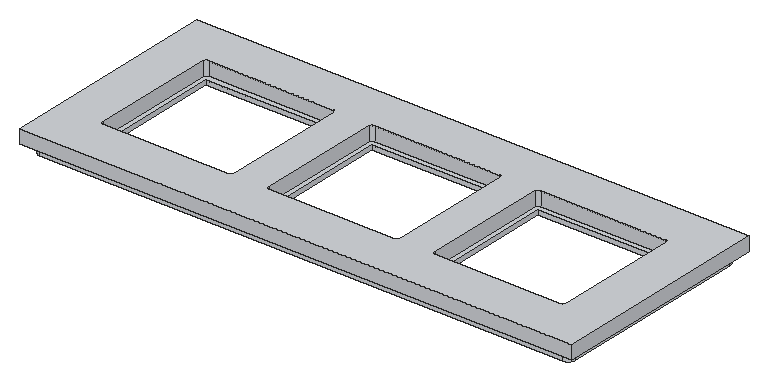
Revit family "Gira_021310", category Electrical Fixtures, host Face, Revit 2017
Family settings
  Host = Face
  Maintain Annotation Orientation = No
  Round Connector Dimension = Use Diameter
  Part Type = Normal
  Cut with Voids When Loaded = No
  Shared = No
  Room Calculation Point = No
Parameters (values of type "Abdeckrahmen 3f Gira Esprit Chrom")
  Werkstoffgüte = "sonstige"
  Werkstoff = "Metall"
  URL = "http://katalog.gira.de/de_DE/datenblatt.html?artikelnr=021310"
  Transparent = "No"
  Textfeld/Beschriftungsfläche = "No"
  Schutzart (IP) = "IP20"
  Region = "DE"
  Oberfläche = "sonstige"
  Name = "Abdeckrahmen 3f Gira Esprit Chrom"
  Montagerichtung = "horizontal und vertikal"
  Mit Montagerahmen = "No"
  Mit Klappdeckel = "No"
  Manufacturer URL = "https://www.gira.de/"
  Keynote = "Espr._Rahmen_3fach"
  HeinzeBIM = "https://bimportal.heinze.de/bim/abdeckrahmen-3f-gira-esprit-chrom/e35f137dc03129ae3c71d2eed4f7b8e979529470"
  Halogenfrei = "No"
  HAN = "021310"
  Geeignet für Unterputz-Installation = "Yes"
  Geeignet für Unterflurkanaldose = "No"
  Geeignet für Geräteeinbaukanal = "No"
  Geeignet für Einbauinstallation = "No"
  GTIN = "4010337003038"
  Farbe = "chrom"
  Default Elevation = 1219.2 mm
  Data sheet (1) = "https://katalog.gira.de/de_DE/download.html?artikelnr=021310"
  Category = "Abdeckrahmen"
  Befestigungsart = "Klemmbefestigung"
  Available = "Yes"
  Anzahl der Einheiten vertikal = "3 "
  Anzahl der Einheiten horizontal = "3 "
  Anzahl der Einheiten = "3 "
Reference planes
  plane 1 "Center (Front/Back)": y = 0
  plane 2: z = 0
  plane 3 "Center (Left/Right)": x = 0
Forms (mm)
  Extrusion 1, solid, detail levels fine
    sketch origin (0, 0, 0) x (1, 0, 0) y (0, 1, 0)
      loop
        line (-118.4, 47.5) -> (-118.4, -47.5) -> (118.4, -47.5) -> (118.4, 47.5) -> (-118.4, 47.5)
      loop
        arc (-99.5, -26.7) -> (-99.061, -27.761) -> (-98, -28.2) r 1.5
        line (-98, -28.2) -> (-44.6, -28.2)
        arc (-44.6, -28.2) -> (-43.539, -27.761) -> (-43.1, -26.7) r 1.5
        line (-43.1, -26.7) -> (-43.1, 26.7)
        arc (-43.1, 26.7) -> (-43.539, 27.761) -> (-44.6, 28.2) r 1.5
        line (-44.6, 28.2) -> (-98, 28.2)
        arc (-98, 28.2) -> (-99.061, 27.761) -> (-99.5, 26.7) r 1.5
        line (-99.5, 26.7) -> (-99.5, -26.7)
      loop
        arc (-28.2, -26.7) -> (-27.761, -27.761) -> (-26.7, -28.2) r 1.5
        line (-26.7, -28.2) -> (26.7, -28.2)
        arc (26.7, -28.2) -> (27.761, -27.761) -> (28.2, -26.7) r 1.5
        line (28.2, -26.7) -> (28.2, 26.7)
        arc (28.2, 26.7) -> (27.761, 27.761) -> (26.7, 28.2) r 1.5
        line (26.7, 28.2) -> (-26.7, 28.2)
        arc (-26.7, 28.2) -> (-27.761, 27.761) -> (-28.2, 26.7) r 1.5
        line (-28.2, 26.7) -> (-28.2, -26.7)
      loop
        arc (43.1, -26.7) -> (43.539, -27.761) -> (44.6, -28.2) r 1.5
        line (44.6, -28.2) -> (98, -28.2)
        arc (98, -28.2) -> (99.061, -27.761) -> (99.5, -26.7) r 1.5
        line (99.5, -26.7) -> (99.5, 26.7)
        arc (99.5, 26.7) -> (99.061, 27.761) -> (98, 28.2) r 1.5
        line (98, 28.2) -> (44.6, 28.2)
        arc (44.6, 28.2) -> (43.539, 27.761) -> (43.1, 26.7) r 1.5
        line (43.1, 26.7) -> (43.1, -26.7)
    from 0 to 6
  Extrusion 2, solid, detail levels fine
    sketch origin (0, 0, 0) x (1, 0, 0) y (0, 1, 0)
      loop
        line (-97.2, -25.7) -> (-45.4, -25.7) -> (-45.4, 25.7) -> (-97.2, 25.7) -> (-97.2, -25.7)
      loop
        line (97.2, 25.7) -> (45.4, 25.7) -> (45.4, -25.7) -> (97.2, -25.7) -> (97.2, 25.7)
      loop
        arc (-114.002, -41.3) -> (-113.474, -42.573) -> (-112.202, -43.1) r 1.8
        line (-112.202, -43.1) -> (112.202, -43.1)
        arc (112.202, -43.1) -> (113.474, -42.573) -> (114.002, -41.3) r 1.8
        line (114.002, -41.3) -> (114.002, 41.3)
        arc (114.002, 41.3) -> (113.474, 42.573) -> (112.202, 43.1) r 1.8
        line (112.202, 43.1) -> (-112.202, 43.1)
        arc (-112.202, 43.1) -> (-113.474, 42.573) -> (-114.002, 41.3) r 1.8
        line (-114.002, 41.3) -> (-114.002, -41.3)
      loop
        line (25.9, 25.7) -> (-25.9, 25.7) -> (-25.9, -25.7) -> (25.9, -25.7) -> (25.9, 25.7)
    from -1.9 to 0
  Extrusion 3, solid, detail levels fine
    sketch origin (0, 0, 0) x (1, 0, 0) y (0, 1, 0)
      loop
        arc (-112.3, 44.4) -> (-114.421, 43.521) -> (-115.3, 41.4) r 3
        line (-115.3, 41.4) -> (-115.3, -41.4)
        arc (-115.3, -41.4) -> (-114.421, -43.521) -> (-112.3, -44.4) r 3
        line (-112.3, -44.4) -> (112.3, -44.4)
        arc (112.3, -44.4) -> (114.421, -43.521) -> (115.3, -41.4) r 3
        line (115.3, -41.4) -> (115.3, 41.4)
        arc (115.3, 41.4) -> (114.421, 43.521) -> (112.3, 44.4) r 3
        line (112.3, 44.4) -> (-112.3, 44.4)
      loop
        arc (-114.1, -41.4) -> (-113.573, -42.673) -> (-112.3, -43.2) r 1.8
        line (-112.3, -43.2) -> (112.3, -43.2)
        arc (112.3, -43.2) -> (113.573, -42.673) -> (114.1, -41.4) r 1.8
        line (114.1, -41.4) -> (114.1, 41.4)
        arc (114.1, 41.4) -> (113.573, 42.673) -> (112.3, 43.2) r 1.8
        line (112.3, 43.2) -> (-112.3, 43.2)
        arc (-112.3, 43.2) -> (-113.573, 42.673) -> (-114.1, 41.4) r 1.8
        line (-114.1, 41.4) -> (-114.1, -41.4)
    from -3.7 to 0
  Extrusion 4, solid, detail levels medium
    sketch origin (0, 0, 0) x (1, 0, 0) y (0, 1, 0)
      loop
        line (-118.4, 47.5) -> (-118.4, -47.5) -> (118.4, -47.5) -> (118.4, 47.5) -> (-118.4, 47.5)
    from 0 to 6
  Extrusion 5, solid, detail levels medium
    sketch origin (0, 0, 0) x (1, 0, 0) y (0, 1, 0)
      loop
        line (-115.3, 44.4) -> (-115.3, -44.4) -> (115.3, -44.4) -> (115.3, 44.4) -> (-115.3, 44.4)
    from -3.7 to 0
  Extrusion 6, solid, detail levels coarse
    sketch origin (0, 0, 0) x (1, 0, 0) y (0, 1, 0)
      loop
        line (-118.4, 47.5) -> (-118.4, -47.5) -> (118.4, -47.5) -> (118.4, 47.5) -> (-118.4, 47.5)
    from -3.7 to 6
Dimensions and locks
  aligned and locked: plane 2 to host face
  aligned and locked: level to host face
